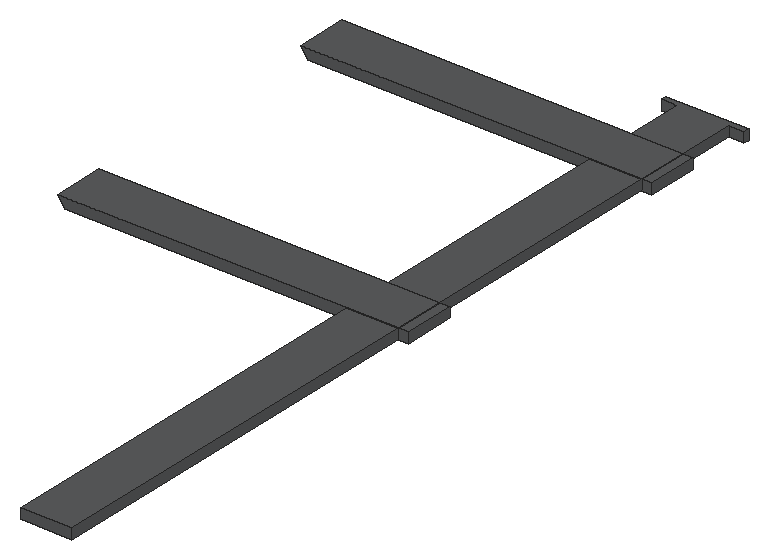
Revit family "Countertop-Supports_Centerline-Brackets_Island-Support-System", category Casework, Revit 2024
Family settings
  OmniClass Number = 23.40.35.11
  OmniClass Title = Casework Components
  Work Plane-Based = No
  Always vertical = Yes
  Cut with Voids When Loaded = No
  Shared = No
  Room Calculation Point = No
Parameters (values of type "ISS")
  Width [instance] = Support 2 Length + 1/4"  # 17 1/4"
  URL = "https://www.countertopbracket.com"
  Support 3 Length [instance] = 17"
  Support 3 Angle [instance] = if([Support 3 - 45 Degree], 45.00°, if([Support 3 - 60 Degree], 60.00°, 90.00°))  # 90.00°
  Support 3 - 60 Degree [instance] = no
  Support 3 - 45 Degree [instance] = no
  Support 3 [instance] = no
  Support 2 Length [instance] = 17"
  Support 2 Angle [instance] = if([Support 2 - 45 Degree], 45.00°, if([Support 2 - 60 Degree], 60.00°, 90.00°))  # 90.00°
  Support 2 - 60 Degree [instance] = no
  Support 2 - 45 Degree [instance] = no
  Support 2 [instance] = yes
  Support 1 Length [instance] = 17"
  Support 1 Angle [instance] = if([Support 1 - 45 Degree], 45.00°, if([Support 1 - 60 Degree], 60.00°, 90.00°))  # 90.00°
  Support 1 - 60 Degree [instance] = no
  Support 1 - 45 Degree [instance] = no
  Support 1 [instance] = yes
  Standard Configurations [instance] = "Standard systems are typically designed to be placed in a 24 inch deep cabinet and would have 2 extensions.  If your cabinet is under 15 inches deep, we would only suggest 1 extension.  Cabinets 36 inches or larger in depth would require a total of 3 extensions.  \r\nWhen supporting overhangs that are more than 15 inches deep on both sides, extensions can be angled outward to better support the corners."  # constant formula
  Spanning Support System [instance] = no
  Product data url = "https://www.bimobject.com/centerline_brackets/product/island-support-system"
  Product Material = Centerline Brackets - Steel - Powder Coated - Black (B)
  Placement Height [instance] = 34 1/2"
  Modified Island Bracket Length [instance] = 40"
  Island Bracket Modified Limits [instance] = "Available sizes: 28“ to 44“ "  # constant formula
  IBM [instance] = not(Spanning Support System)  # yes
  Horizontal Support Limits [instance] = "Available sizes: 17“ to 33“ "  # constant formula
  Model = "ISS-B"
  Manufacturer = "Centerline Brackets"  # constant formula
  Length [instance] = Island Bracket Modified Length Control  # 40"
  Keynote = "12000"
  Island Bracket Modified Length Control [instance] = if(Modified Island Bracket Length < 28", 28", if(and(IBM, Modified Island Bracket Length > 44"), 44", roundup(Modified Island Bracket Length / 1") * 1"))  # 40"
  Height = 1/2"  # constant formula
  Finish Note = "When choosing an alternative finish, please remember to update the model number to reflect the chosen finish."  # constant formula
  Finish = "Available Powder Coat Finishes; White (W), Black (B)"  # constant formula
  Distance to Support 3 [instance] = 33 1/2"
  Distance to Support 2 [instance] = 19"
  Distance to Support 1 [instance] = 4 9/32"
  Description = "Island Support Bracket System"
  Depth [instance] = 0"
  Default Elevation = 0"
  Custom Product [instance] = "While Island Support Bracket Systems are fully customizable, please contact Centerline Brackets to discuss restrictions and confirm availability before specifying a custom product."  # constant formula
  Assembly Code = "E2010200"
Reference planes (in)
  plane 1 "Center (Front/Back)": y = 0
  plane 2: z = 0
  plane 3 "Center (Left/Right)": x = 0
  plane 4: y = -4.28125
  plane 5: y = -19
  plane 6: z = 34.5
  plane 7: y = -40
  plane 8: x = 2
  plane 9: x = -15.25
  plane 10: y = -3.03125
  plane 11: y = -33.5
  plane 12: x = 1.25
  plane 13: x = -1.25
Lines and regions (in)
  reference lines
    curve 1: line (0, -4.28125, 0) -> (-4.25, -4.28125, 0)
    curve 2: line (0, -4.28125, 0) -> (0, -9.78125, 0)
    curve 3: line (0, -19, 0) -> (-4.25, -19, 0)
    curve 4: line (0, -19, 0) -> (0, -24.5, 0)
    curve 5: line (0, -33.5, 0) -> (-4.25, -33.5, 0)
    curve 6: line (0, -33.5, 0) -> (0, -39, 0)
Dimensions and locks (in)
  "Placement Height": plane 6 to plane 2
  "Length": plane 7 to plane 1 "Center (Front/Back)"
  "Width": plane 9 to plane 8
  locked: plane 3 "Center (Left/Right)" to plane 8 at 2
  locked: plane 10 to plane 4 at 1.25
  plane 10 to plane 1 "Center (Front/Back)" = 3 1/32"
  "Distance to Support 2": plane 5 to plane 1 "Center (Front/Back)"
  "Distance to Support 1": plane 4 to plane 1 "Center (Front/Back)"
  "Distance to Support 3": plane 11 to plane 1 "Center (Front/Back)"
  locked: curve 1 to curve 2 (angle 90.00°)
  locked: curve 3 to curve 4 (angle 90.00°)
  locked: curve 5 to curve 6 (angle 90.00°)
  "Support 2 Angle": angle curve 3 to plane 3 "Center (Left/Right)"
  "Support 3 Angle": angle curve 5 to plane 3 "Center (Left/Right)"
  "Support 1 Angle": angle plane 3 "Center (Left/Right)" to curve 1
  aligned and locked: plane 2 to level
  aligned and locked: nested 1 to plane 6
  aligned and locked: nested 2 to plane 6
  aligned and locked: plane 1 "Center (Front/Back)" to nested 3
  aligned and locked: plane 3 "Center (Left/Right)" to nested 3
  aligned and locked: nested 3 to plane 6
  aligned and locked: plane 3 "Center (Left/Right)" to curve 2
  aligned and locked: plane 4 to curve 2
  aligned and locked: plane 11 to curve 6
  aligned and locked: plane 3 "Center (Left/Right)" to curve 6
  aligned and locked: plane 5 to curve 4
  aligned and locked: plane 3 "Center (Left/Right)" to curve 4
  aligned and locked: nested 1 to curve 2
  aligned and locked: nested 1 to curve 1
  aligned and locked: nested 2 to curve 4
  aligned and locked: nested 2 to curve 3
  aligned and locked: nested 4 to curve 5
  aligned and locked: nested 4 to curve 6
  aligned and locked: plane 1 "Center (Front/Back)" to nested 5
  aligned and locked: plane 3 "Center (Left/Right)" to nested 5
  aligned and locked: nested 4 to plane 6
  aligned and locked: nested 5 to plane 6
Nested families (in)
  nested 1: "H11H" at (1.75, -4.28125, 34) x (0, -1, 0) z (0, 0, 1), Length <- "Support 1 Length", visible <- "Support 1", Angle <- "Support 1 Angle", type "H11H"
    with Length 17", AngleBracketOffset 0", Angle 90.00°
  nested 2: "H11H" at (1.75, -19, 34) x (0, -1, 0) z (0, 0, 1), Length <- "Support 2 Length", visible <- "Support 2", Angle <- "Support 2 Angle", type "H11H"
    with Length 17", AngleBracketOffset 0", Angle 90.00°
  nested 3: "IBM" at (0, 0, 34), visible <- "IBM", type "IBM"
    with Length 40"
  nested 4: "H11H" at (1.75, -33.5, 34) x (0, -1, 0) z (0, 0, 1), Length <- "Support 3 Length", visible <- "Support 3", Angle <- "Support 3 Angle", type "H11H"
    with Length 17", AngleBracketOffset 0", Angle 90.00°
  nested 5: "SpanningBracket" at (0, 0, 34), visible <- "Spanning Support System", type "Geometry"
    with Length 40"
Definition of nested family "H11H"
  Parameters (values of type "H11H")
    URL = ""
    Product Material = none
    Manufacturer = ""
    Length [instance] = 17"
    Height = 1/2"
    Default Elevation = 48"
    AngleBracketOffset [instance] = if(not(Angle = 90.00°), 3.3", 0")  # 0"
    Angle [instance] = 90.00°
  Reference planes (in)
    plane 1 "Center (Front/Back)": y = 0
    plane 2: z = 0
    plane 3 "Center (Left/Right)": x = 0
    plane 4: y = -17
    plane 5: z = 0.5
    plane 6: y = -1.75
    plane 7: y = 0
    plane 8: y = -17
  Forms (in)
    Extrusion 1, solid, material <- "Product Material"
      sketch origin (0, 0, 0) x (0, 1, 0) y (0, 0, 1)
        loop
          line (0, 0) -> (0, 0.5) -> (-17, 0.5) -> (-16.6499, 0) -> (0, 0)
      from -1.25 to 1.25
  Lines and regions (in)
    Masking region 1
      outline origin (0, 0, 0) x (1, 0, 0) y (0, 1, 0)
        loop
          line (-1.25, 0) -> (-1.25, -17) -> (1.25, -17) -> (1.25, 0) -> (-1.25, 0)
    model lines, detail levels medium+fine
      curve 1: circle (0, -1.75, 0.5) r 0.255 normal (0, 0, 1)
    symbolic lines, detail levels medium+fine
      curve 2: circle (0, -1.75, 0.5) r 0.255 normal (0, 0, 1)
  Dimensions and locks (in)
    "Length": plane 1 "Center (Front/Back)" to plane 4
    "Height": plane 5 to plane 2
    "AngleBracketOffset": plane 7 to plane 1 "Center (Front/Back)"
    "Length": plane 7 to plane 8
    locked: plane 6 to plane 1 "Center (Front/Back)" at 1.75
    locked: Extrusion 1 sketch curve to plane 4 (angle 35.00°)
    aligned and locked: plane 2 to level
    aligned and locked: Extrusion 1 sketch curve to plane 5
    aligned and locked: plane 3 "Center (Left/Right)" to curve 1
    aligned and locked: plane 6 to curve 1
    aligned and locked: plane 3 "Center (Left/Right)" to curve 2
    aligned and locked: plane 6 to curve 2
    aligned and locked: plane 7 to Extrusion 1 sketch curve
    aligned and locked: Extrusion 1 sketch curve to plane 2
    aligned and locked: plane 8 to Extrusion 1 sketch curve
    aligned and locked: Masking region 1 sketch curve to plane 7
    aligned and locked: plane 8 to Masking region 1 sketch curve
  Automatic sketch dimensions
    Masking region 1 sketch curve to plane 3 "Center (Left/Right)" = 1 1/4"
    plane 3 "Center (Left/Right)" to Masking region 1 sketch curve = 1 1/4"
    radius of curve 1 = 0.255"
    radius of curve 2 = 0.255"
Definition of nested family "IBM"
  Parameters (values of type "IBM")
    Product Material = none
    Length = 28"
    Default Elevation = 0"
  Reference planes (in)
    plane 1 "Center (Front/Back)": y = 0
    plane 2: z = 0
    plane 3 "Center (Left/Right)": x = 0
    plane 4: y = -28
  Forms (in)
    Extrusion 1, solid, material <- "Product Material"
      sketch origin (0, 0, 0) x (1, 0, 0) y (0, 1, 0)
        loop
          line (-2, 0) -> (-2, -0.25) -> (-1.25, -0.25) -> (-1.25, -28) -> (1.25, -28) -> (1.25, -0.25) -> (2, -0.25) -> (2, 0) -> (-2, 0)
      from 0 to 0.5
  Lines and regions (in)
    Masking region 1
      outline origin (0, 0, 0) x (1, 0, 0) y (0, 1, 0)
        loop
          line (-1.25, -0.25) -> (-1.25, -28) -> (1.25, -28) -> (1.25, -0.25) -> (2, -0.25) -> (2, 0) -> (-2, 0) -> (-2, -0.25) -> (-1.25, -0.25)
  Dimensions and locks (in)
    Extrusion 1 sketch curve to Extrusion 1 sketch curve to plane 1 "Center (Front/Back)" = 0" locked, 1/4" locked
    "Length": plane 4 to plane 1 "Center (Front/Back)"
    aligned and locked: plane 2 to level
    aligned and locked: plane 4 to Extrusion 1 sketch curve
    aligned and locked: plane 1 "Center (Front/Back)" to Extrusion 1 sketch curve
    aligned and locked: Masking region 1 sketch curve to plane 4
    aligned and locked: Masking region 1 sketch curve to plane 1 "Center (Front/Back)"
  Automatic sketch dimensions
    Extrusion 1 sketch curve to plane 3 "Center (Left/Right)" = 2"
    Extrusion 1 sketch curve to Extrusion 1 sketch curve = 3/4"  (x2)
    plane 3 "Center (Left/Right)" to Extrusion 1 sketch curve = 1 1/4"
    Masking region 1 sketch curve to plane 3 "Center (Left/Right)" = 2"
    Masking region 1 sketch curve to plane 3 "Center (Left/Right)" = 1 1/4"
    plane 3 "Center (Left/Right)" to Masking region 1 sketch curve = 1 1/4"
    Masking region 1 sketch curve to Masking region 1 sketch curve = 3/4"
    plane 1 "Center (Front/Back)" to Masking region 1 sketch curve = 1/4"  (x2)
Definition of nested family "SpanningBracket"
  Parameters (values of type "Geometry")
    URL = ""
    Product Material = none
    Manufacturer = ""
    Length = 24"
    Height = 1/2"
    Default Elevation = 0"
  Reference planes (in)
    plane 1 "Center (Front/Back)": y = 0
    plane 2: z = 0
    plane 3 "Center (Left/Right)": x = 0
    plane 4: y = -24
    plane 5: z = 0.5
    plane 6: x = -1.25
    plane 7: x = 1.25
  Forms (in)
    Extrusion 1, solid, material <- "Product Material"
      sketch origin (0, 0, 0) x (0, 1, 0) y (0, 0, 1)
        loop
          line (-0.3501, 0) -> (0, 0.5) -> (-24, 0.5) -> (-23.6499, 0) -> (-0.3501, 0)
      from -1.25 to 1.25
  Lines and regions (in)
    Masking region 1
      outline origin (0, 0, 0) x (1, 0, 0) y (0, 1, 0)
        loop
          line (-1.25, 0) -> (-1.25, -24) -> (1.25, -24) -> (1.25, 0) -> (-1.25, 0)
  Dimensions and locks (in)
    "Length": plane 1 "Center (Front/Back)" to plane 4
    "Height": plane 5 to plane 2
    locked: plane 1 "Center (Front/Back)" to Extrusion 1 sketch curve at 0.3501
    locked: Extrusion 1 sketch curve to plane 4 at 0.3501
    aligned and locked: plane 2 to level
    aligned and locked: plane 4 to Extrusion 1 sketch curve
    aligned and locked: Extrusion 1 sketch curve to plane 5
    aligned and locked: plane 1 "Center (Front/Back)" to Masking region 1 sketch curve
    aligned and locked: plane 4 to Masking region 1 sketch curve
  Automatic sketch dimensions
    Masking region 1 sketch curve to plane 3 "Center (Left/Right)" = 1 1/4"
    plane 3 "Center (Left/Right)" to Masking region 1 sketch curve = 1 1/4"
    Extrusion 1 sketch curve to level = 0"
    Extrusion 1 sketch curve to plane 1 "Center (Front/Back)" = 0"
